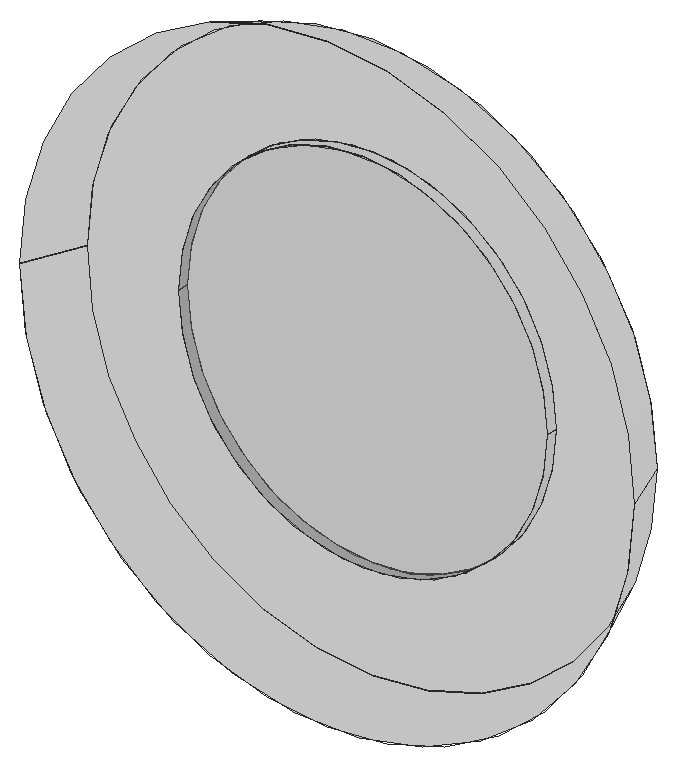
Revit family "Iluminação de caminho - Redonda embutida - Com base na parede", category Luminárias, Revit 2019
Family settings
  Hospedeiro = Parede
  Cota do conector redondo = Utilizar diâmetro
  Tipo de parte = Normal
  Número OmniClass = 23.80.70.00
  Título OmniClass = Lighting
  Sempre na vertical = Sim
  Corte com vazios quando carregada = Não
  Fonte luminosa = Sim
  Compartilhado = Não
  Ponto de cálculo do ambiente = Não
Parameters
  Wattage = 100 W
  built-in parameter 1150110 = 1 (stored number, unit not read)
  built-in parameter 1114217 = 1 (stored number, unit not read)
  Espessura = 10 mm
  built-in parameter 1150109 = 1 (stored number, unit not read)
  built-in parameter 1150134 = (empty or 0)
  built-in parameter 1150113 = 1 (stored number, unit not read)
  Material de sombra = Vidro, Branco, Alta Luminosidade
  R3 = R2 - 18 mm  # 33 mm
  R2 = Diâmetro interno / 2  # 51 mm
  R1 = Diâmetro externo / 2  # 55 mm
  Diâmetro externo = 110 mm
  Altura de montagem = 300 mm
  Lumens = 14854.2 lm
  built-in parameter 1150115 = 1 (stored number, unit not read)
  built-in parameter 1150105 = 4728.2 (stored number, unit not read)
  Light Source Symbol Size = 609.6 mm
  built-in parameter 1150137 = (empty or 0)
  built-in parameter 1150139 = (empty or 0)
  Material da luminária = Pano, Sombra da lâmpada
  built-in parameter 1150112 = 1 (stored number, unit not read)
  built-in parameter 1150114 = 1 (stored number, unit not read)
  Diâmetro interno = Diâmetro externo - 8 mm  # 102 mm
  built-in parameter 1150132 = (empty or 0)
  built-in parameter 1150102 = (empty or 0)
  built-in parameter 1150138 = (empty or 0)
  built-in parameter 1150107 = 3000 (stored number, unit not read)
  built-in parameter 1150106 = 47.282 (stored number, unit not read)
  built-in parameter 1150104 = 13.8 (stored number, unit not read)
  Dimming Lamp Color Temperature Shift = (empty or 0)
  Linear = 112 mm
  Color Filter = 16777215
  built-in parameter 1114218 = 1 (stored number, unit not read)
  built-in parameter 1150133 = 10 (stored number, unit not read)
Reference planes
  plane 1: y = 0
  plane 2 "Eixo de origem da luz (E/D)": x = -36.356
  plane 3 "Elevação da origem da luz": z = 300
  plane 4: y = -37
  plane 5 "Eixo de origem da luz (F/T)": y = -32
  plane 6: y = 85
  plane 7: y = 83
Forms (mm)
  Extrusion 1, void
    sketch origin (0, 203.2, 0) x (1, 0, 0) y (0, 0, 1)
      loop
        circle (-36.356, 300) r 51
    from 120.2 to 240.2
  Blend 2, solid, material "Pano, Sombra da lâmpada" <- "Material da luminária"
    base sketch origin (0, 203.2, 0) x (1, 0, 0) y (0, 0, 1)
      loop
        circle (-36.356, 300) r 55
    top sketch origin (0, 203.2, 0) x (1, 0, 0) y (0, 0, 1)
      loop
        circle (-36.356, 300) r 51
    from 128.2 to 118.2
  Extrusion 3, void
    sketch origin (0, 203.2, 0) x (1, 0, 0) y (0, 0, 1)
      loop
        circle (-36.356, 300) r 33
    from 118.2 to 120.2
  Extrusion 4, solid, material "Vidro, Branco, Alta Luminosidade" <- "Material de sombra"
    sketch origin (0, 203.2, 0) x (1, 0, 0) y (0, 0, 1)
      loop
        circle (-36.356, 300) r 33
    from 118.2 to 120.2
Cuts and joins
  Extrusion 3 cuts Blend 2
Text (mm)
  text "Lado da coloca玢o" at (0, 1019.848, 2973.606), in view "Direita"
  text "Lado da coloca玢o" at (-1787.662, 723.012, 0), in view "Nível de referência"
  text "Lado da coloca玢o" at (0, 1206.291, 3020.473), in view "Esquerda"
Dimensions and locks
  "Linear": host wall to plane 4
  locked: plane 5 "Eixo de origem da luz (F/T)" to plane 4 at 5
  "Espessura": plane 6 to host wall
  locked: plane 6 to plane 7 at 2
  "Altura de montagem": level to plane 3 "Elevação da origem da luz"
  "R2": radius of Extrusion 1 sketch curve
  "R1": radius of Blend 2 sketch curve
  "R2": radius of Blend 2 sketch curve
  "R3": radius of Extrusion 3 sketch curve
  "R3": radius of Extrusion 4 sketch curve
  aligned and locked: plane 2 "Eixo de origem da luz (E/D)" to imposter light
  aligned and locked: plane 3 "Elevação da origem da luz" to Extrusion 1 sketch curve
  aligned and locked: plane 2 "Eixo de origem da luz (E/D)" to Extrusion 1 sketch curve
  aligned and locked: Extrusion 1 to plane 4
  aligned and locked: plane 2 "Eixo de origem da luz (E/D)" to Blend 2 sketch curve  (x2)
  aligned and locked: plane 3 "Elevação da origem da luz" to Blend 2 sketch curve  (x2)
  aligned and locked: Blend 2 to plane 6
  aligned and locked: Blend 2 to host wall
  aligned and locked: plane 7 to Extrusion 1
  aligned and locked: plane 3 "Elevação da origem da luz" to Extrusion 3 sketch curve
  aligned and locked: plane 2 "Eixo de origem da luz (E/D)" to Extrusion 3 sketch curve
  aligned and locked: plane 6 to Extrusion 3
  aligned and locked: Extrusion 3 to Extrusion 1
  aligned and locked: plane 3 "Elevação da origem da luz" to Extrusion 4 sketch curve
  aligned and locked: plane 2 "Eixo de origem da luz (E/D)" to Extrusion 4 sketch curve
  aligned and locked: Extrusion 4 to Extrusion 1
  aligned and locked: plane 6 to Extrusion 4
  aligned and locked: plane 3 "Elevação da origem da luz" to imposter light
  aligned and locked: cut or joined group of Blend 2, Extrusion 3 to imposter light
